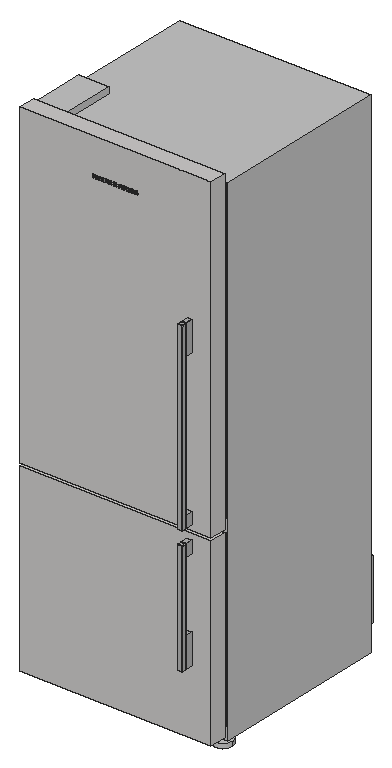
Revit family "FP-Revit18-E402BLXFD4-Fridges", category Specialty Equipment, Revit 2018
Family settings
  Round Connector Dimension = Use Diameter
  Part Type = Normal
  OmniClass Number = 23.40.40.11.11.17
  OmniClass Title = Refrigerator-Freezer
  Work Plane-Based = No
  Always vertical = Yes
  Cut with Voids When Loaded = Yes
  Shared = No
  Room Calculation Point = No
Parameters (values of type "E402BLXFD4")
  Visibility - Clearance Required = yes
  URL = "www.fisherpaykel.com"
  Product - Width = 635 mm  # constant formula
  Product - Height = 1720 mm  # constant formula
  Product - Depth = 736 mm  # constant formula
  Model = "E402BLXFD4"
  Material - Logo = Fisher & Paykel - Steel, Chrome Plated
  Material - Handle = Fisher & Paykel - Aluminium
  Material - Door Structure = Fisher & Paykel - White
  Material - Door Front = Fisher & Paykel - Stainless Steel
  Material - Body = Fisher & Paykel - Grey
  Manufacturer = "Fisher & Paykel Appliances"
  Description = "63.5cm Freestanding Refrigerator with Bottom Freezer"
  Connector Description - Electrical = "230 V, 50Hz"
  Chassis - Width = 635 mm  # constant formula
  Chassis - Height = 1664 mm  # constant formula
  Chassis - Depth = 625 mm  # constant formula
  Cavity - Width = 675 mm  # constant formula
  Cavity - Height = 1735 mm  # constant formula
  Cavity - Depth = 625 mm  # constant formula
Reference planes
  plane 1 "Center (Front/Back)": y = 0
  plane 2: z = 0
  plane 3 "Center (Left/Right)": x = 0
  plane 4 "Product LHS": x = -317.5
  plane 5 "Product RHS": x = 317.5
  plane 6 "Product - Depth": y = 625
  plane 7 "Cavity LHS": x = -337.5
  plane 8 "Cavity RHS": x = 337.5
  plane 9 "Cavity - Depth": y = 625
  plane 10 "Cavity Height": z = 1735
  plane 11 "Door Panel Front": y = -70
  plane 12 "Product - Height": z = 1720
Forms (mm)
  Extrusion 1, solid, material "Fisher & Paykel - Grey" <- "Material - Body"
    sketch origin (0, 0, 0) x (0, 1, 0) y (0, 0, 1)
      loop
        line (0, 24) -> (595, 24) -> (595, 1686) -> (0, 1686) -> (0, 24)
    from -317.5 to 317.5
  Extrusion 2, solid, material "Fisher & Paykel - Grey" <- "Material - Body"
    sketch origin (0, 0, 0) x (1, 0, 0) y (0, 1, 0)
      loop
        circle (-287.5, 18.6) r 4.9
      loop
        circle (287.5, 18.6) r 4.9
    from 14 to 24
  Extrusion 3, solid, material "Fisher & Paykel - Grey" <- "Material - Body"
    sketch origin (0, 0, 0) x (1, 0, 0) y (0, 1, 0)
      loop
        circle (-287.5, 18.6) r 30
      loop
        circle (287.5, 18.6) r 30
    from 0 to 14
  Extrusion 4, solid, material "Fisher & Paykel - Grey" <- "Material - Body"
    sketch origin (0, 0, 0) x (1, 0, 0) y (0, 0, 1)
      loop
        circle (277.542, 69) r 5
      loop
        circle (227.542, 69) r 5
    from -615 to -595
  Extrusion 5, solid, material "Fisher & Paykel - White" <- "Material - Door Structure"
    sketch origin (0, 0, 0) x (1, 0, 0) y (0, 1, 0)
      loop
        line (-309.5, 0) -> (-309.5, -15) -> (309.5, -15) -> (309.5, 0) -> (-309.5, 0)
    from 682 to 1680
  Extrusion 6, solid, material "Fisher & Paykel - Stainless Steel" <- "Material - Door Front"
    sketch origin (0, 0, 0) x (1, 0, 0) y (0, 1, 0)
      loop
        line (-317.5, -15) -> (-317.5, -70) -> (317.5, -70) -> (317.5, -15) -> (-317.5, -15)
    from 660 to 1720
  Extrusion 7, solid, material "Fisher & Paykel - Clearance Required", visible <- "Visibility - Clearance Required", detail levels coarse
    sketch origin (0, 0, 0) x (1, 0, 0) y (0, 1, 0)
      loop
        line (-337.5, 625) -> (-337.5, 0) -> (-472.5, 0) -> (-472.5, -70) -> (337.5, -70) -> (337.5, 625) -> (-337.5, 625)
    from 0 to 1735
  Extrusion 8, void
    sketch origin (0, 0, 0) x (1, 0, 0) y (0, 1, 0)
      loop
        line (-337.5, 625) -> (-337.5, 0) -> (-472.5, 0) -> (-472.5, -70) -> (337.5, -70) -> (337.5, 625) -> (-337.5, 625)
    from 0 to 1735
  Extrusion 9, solid, material "Fisher & Paykel - Stainless Steel" <- "Material - Door Front"
    sketch origin (0, 0, 0) x (1, 0, 0) y (0, 1, 0)
      loop
        line (-317.5, -15) -> (-317.5, -70) -> (317.5, -70) -> (317.5, -15) -> (-317.5, -15)
    from 40 to 650
  Extrusion 10, solid, material "Fisher & Paykel - White" <- "Material - Door Structure"
    sketch origin (0, 0, 0) x (1, 0, 0) y (0, 1, 0)
      loop
        line (-309.5, 0) -> (-309.5, -15) -> (309.5, -15) -> (309.5, 0) -> (-309.5, 0)
    from 62 to 642
  Extrusion 11, solid, material "Fisher & Paykel - Grey" <- "Material - Body"
    sketch origin (229.237, 0, 0) x (0, 1, 0) y (0, 0, 1)
      loop
        line (595, 324) -> (595, 94) -> (625, 94) -> (625, 294) -> (595, 324)
    from -526.7 to 68.3
  Extrusion 12, solid, material "Fisher & Paykel - Grey" <- "Material - Body"
    sketch origin (0, 0, 0) x (0, 1, 0) y (0, 0, 1)
      loop
        line (595, 94) -> (595, 24) -> (625, 24) -> (625, 94) -> (595, 94)
    from -297.463 to 202
  Extrusion 13, solid, material "Fisher & Paykel - Grey" <- "Material - Body"
    sketch origin (0, 0, 0) x (1, 0, 0) y (0, 1, 0)
      loop
        line (-218.9, 174) -> (-317.5, 174) -> (-317.5, -15) -> (-218.9, -15) -> (-218.9, 174)
    from 1686 to 1708
  Extrusion 14, solid, material "Fisher & Paykel - Clearance Required", visible <- "Visibility - Clearance Required", detail levels coarse
    sketch origin (0, 0, 0) x (1, 0, 0) y (0, 1, 0)
      loop
        line (-722.92, -409.518) -> (-767.016, -454.756)
        arc (-767.016, -454.756) -> (-95.726, -626.083) -> (317.5, -70) r 621.877
        line (317.5, -70) -> (-391.972, -70) -> (-712.194, -398.515) -> (-742.27, -369.199) -> (-752.391, -380.791) -> (-722.92, -409.518)
    from 0 to 1720
  Extrusion 15, solid, material "Fisher & Paykel - Grey" <- "Material - Body", detail levels fine
    sketch origin (0, 0, -4) x (0, 1, 0) y (0, 0, 1)
      loop
        arc (62.091, 28) -> (87.5, 4) -> (112.909, 28) r 25.45
        line (112.909, 28) -> (62.091, 28)
      loop
        arc (503.639, 28) -> (529.047, 4) -> (554.456, 28) r 25.45
        line (554.456, 28) -> (503.639, 28)
    from 267 to 284
  Extrusion 16, solid, material "Fisher & Paykel - Steel, Chrome Plated" <- "Material - Logo", detail levels fine
    sketch origin (-0.005, -70, 1596) x (1, 0, 0) y (0, 0, 1)
      loop
        line (-74.994, 0) -> (-72.633, 0) -> (-72.633, 3.207) -> (-68.944, 3.207) -> (-68.944, 5.208) -> (-72.633, 5.208) -> (-72.633, 7.068) -> (-68.62, 7.068) -> (-68.62, 9.06) -> (-74.994, 9.06) -> (-74.994, 0)
      loop
        line (-64.134, 9.06) -> (-64.134, 0) -> (-61.773, 0) -> (-61.773, 9.06) -> (-64.134, 9.06)
      loop
        line (-46.015, 9.06) -> (-46.015, 0) -> (-43.654, 0) -> (-43.654, 3.63) -> (-40.187, 3.63) -> (-40.187, 0) -> (-37.826, 0) -> (-37.826, 9.06) -> (-40.187, 9.06) -> (-40.187, 5.622) -> (-43.654, 5.622) -> (-43.654, 9.06) -> (-46.015, 9.06)
      loop
        line (-32.787, 9.06) -> (-32.787, 0) -> (-26.332, 0) -> (-26.332, 1.992) -> (-30.448, 1.992) -> (-30.448, 3.63) -> (-26.686, 3.63) -> (-26.686, 5.622) -> (-30.448, 5.622) -> (-30.448, 7.068) -> (-26.332, 7.068) -> (-26.332, 9.06) -> (-32.787, 9.06)
      loop
        line (68.572, 9.06) -> (68.572, 0) -> (75.006, 0) -> (75.006, 1.992) -> (70.933, 1.992) -> (70.933, 9.06) -> (68.572, 9.06)
      loop
        line (63.719, 9.06) -> (57.241, 9.06) -> (57.241, 0) -> (63.719, 0) -> (63.719, 1.992) -> (59.602, 1.992) -> (59.602, 3.63) -> (63.364, 3.63) -> (63.364, 5.622) -> (59.602, 5.622) -> (59.602, 7.068) -> (63.719, 7.068) -> (63.719, 9.06)
      loop
        line (50.248, 4.722) -> (53.597, 9.06) -> (50.837, 9.06) -> (47.945, 5.313) -> (47.945, 9.06) -> (45.585, 9.06) -> (45.585, 0) -> (47.945, 0) -> (47.945, 4.058) -> (50.926, 0) -> (53.716, 0) -> (50.248, 4.722)
      loop
        line (33.043, 9.06) -> (36.466, 3.63) -> (36.466, 0) -> (38.827, 0) -> (38.827, 3.511) -> (42.25, 9.06) -> (39.742, 9.06) -> (37.721, 5.561) -> (35.701, 9.06) -> (33.043, 9.06)
      loop
        line (27.79, 9.06) -> (25.547, 9.06) -> (21.858, 0) -> (24.175, 0) -> (24.824, 1.668) -> (28.454, 1.668) -> (29.103, 0) -> (31.479, 0) -> (27.79, 9.06)
      loop
        line (27.671, 3.659) -> (26.612, 6.261) -> (25.599, 3.659) -> (27.671, 3.659)
      loop
        line (12.119, 9.06) -> (12.119, 0) -> (14.48, 0) -> (14.48, 2.907) -> (15.971, 2.907)
        arc (15.971, 2.907) -> (19.048, 5.983) -> (15.971, 9.06) r 3.077
        line (15.971, 9.06) -> (12.119, 9.06)
      loop
        line (14.48, 7.068) -> (14.48, 4.796) -> (15.824, 4.796)
        arc (15.824, 4.796) -> (16.96, 5.932) -> (15.824, 7.068) r 1.136
        line (15.824, 7.068) -> (14.48, 7.068)
      loop
        line (-17.602, 9.06) -> (-21.477, 9.06) -> (-21.477, 0) -> (-19.116, 0) -> (-19.116, 2.522) -> (-18.311, 2.522) -> (-16.387, 0) -> (-13.657, 0) -> (-15.969, 2.959)
        arc (-15.969, 2.959) -> (-14.445, 6.636) -> (-17.602, 9.06) r 3.269
      loop
        line (-17.774, 7.068) -> (-19.116, 7.068) -> (-19.116, 4.579) -> (-17.774, 4.579)
        arc (-17.774, 4.579) -> (-16.529, 5.823) -> (-17.774, 7.068) r 1.244
      loop
        line (0.788, 7.068) -> (0.788, 9.229) -> (-5.291, 9.229) -> (-5.291, 7.276) -> (-4.389, 6.167)
        arc (-4.389, 6.167) -> (-5.193, 1.025) -> (0.005, 0.768) r 3.5
        line (0.005, 0.768) -> (0.63, 0) -> (3.308, 0) -> (1.362, 2.391) -> (3.12, 4.924) -> (0.694, 4.924) -> (0.053, 4) -> (-2.443, 7.068) -> (0.788, 7.068)
      loop
        arc (-3.116, 4.603) -> (-3.331, 2.502) -> (-1.23, 2.286) r 1.493
        line (-1.23, 2.286) -> (-3.116, 4.603)
      loop
        line (-52.698, 5.451) -> (-54.701, 5.866)
        arc (-54.701, 5.866) -> (-55.501, 6.665) -> (-54.701, 7.465) r 0.799
        arc (-54.701, 7.465) -> (-52.78, 7.185) -> (-51.017, 6.371) r 6.757
        line (-51.017, 6.371) -> (-51.017, 8.615)
        arc (-51.017, 8.615) -> (-53.252, 9.269) -> (-55.578, 9.164) r 7.089
        arc (-55.578, 9.164) -> (-57.732, 6.502) -> (-55.578, 3.841) r 2.721
        line (-55.578, 3.841) -> (-53.559, 3.423)
        arc (-53.559, 3.423) -> (-52.76, 2.623) -> (-53.559, 1.824) r 0.799
        arc (-53.559, 1.824) -> (-55.481, 2.103) -> (-57.244, 2.917) r 6.757
        line (-57.244, 2.917) -> (-57.244, 0.674)
        arc (-57.244, 0.674) -> (-55.009, 0.02) -> (-52.682, 0.125) r 7.089
        arc (-52.682, 0.125) -> (-50.529, 2.795) -> (-52.698, 5.451) r 2.721
    from 0 to 0.8
  Extrusion 17, solid, material "Fisher & Paykel - Grey" <- "Material - Body", detail levels fine
    sketch origin (0, 0, -4) x (0, 1, 0) y (0, 0, -1)
      loop
        line (62.091, -28) -> (112.909, -28)
        arc (112.909, -28) -> (87.5, -4) -> (62.091, -28) r 25.45
      loop
        line (503.639, -28) -> (554.456, -28)
        arc (554.456, -28) -> (529.047, -4) -> (503.639, -28) r 25.45
    from 267 to 284
  Extrusion 18, solid, material "Fisher & Paykel - Aluminium" <- "Material - Handle", detail levels fine
    sketch origin (246.5, -70, 0) x (1, 0, 0) y (0, 1, 0)
      loop
        arc (-7.7, -27.749) -> (0.04, -25.059) -> (7.7, -27.971) r 11.986
        line (7.7, -27.971) -> (7.7, 0) -> (-7.7, 0) -> (-7.7, -27.749)
    from 257 to 357
  Extrusion 19, solid, material "Fisher & Paykel - Aluminium" <- "Material - Handle", detail levels fine
    sketch origin (246.5, -70, 0) x (1, 0, 0) y (0, 1, 0)
      loop
        arc (-7.7, -27.749) -> (0.04, -25.059) -> (7.7, -27.971) r 11.986
        line (7.7, -27.971) -> (7.7, 0) -> (-7.7, 0) -> (-7.7, -27.749)
    from 591 to 631
  Extrusion 20, solid, material "Fisher & Paykel - Aluminium" <- "Material - Handle", detail levels fine
    sketch origin (246.5, -70, 0) x (1, 0, 0) y (0, 1, 0)
      loop
        arc (-7.7, -27.749) -> (0.04, -25.059) -> (7.7, -27.971) r 11.986
        line (7.7, -27.971) -> (7.7, 0) -> (-7.7, 0) -> (-7.7, -27.749)
    from 676 to 716
  Extrusion 21, solid, material "Fisher & Paykel - Aluminium" <- "Material - Handle", detail levels fine
    sketch origin (246.5, -70, 0) x (1, 0, 0) y (0, 1, 0)
      loop
        arc (-7.7, -27.749) -> (0.04, -25.059) -> (7.7, -27.971) r 11.986
        line (7.7, -27.971) -> (7.7, 0) -> (-7.7, 0) -> (-7.7, -27.749)
    from 1188 to 1288
  Extrusion 22, solid, material "Fisher & Paykel - Aluminium" <- "Material - Handle", detail levels fine
    sketch origin (246.5, -70, 0) x (1, 0, 0) y (0, 1, 0)
      loop
        arc (-8, -39.496) -> (-7.559, -40.559) -> (-6.496, -41) r 1.504
        line (-6.496, -41) -> (6.5, -41)
        arc (6.5, -41) -> (7.561, -40.561) -> (8, -39.5) r 1.5
        line (8, -39.5) -> (8, -28.788)
        arc (8, -28.788) -> (7.908, -28.369) -> (7.649, -28.028) r 1
        arc (7.649, -28.028) -> (0.055, -25.159) -> (-7.625, -27.788) r 11.986
        arc (-7.625, -27.788) -> (-7.901, -28.136) -> (-8, -28.569) r 1
        line (-8, -28.569) -> (-8, -39.496)
    from 676 to 1288
  Extrusion 23, solid, material "Fisher & Paykel - Aluminium" <- "Material - Handle", detail levels fine
    sketch origin (246.5, -70, 0) x (1, 0, 0) y (0, 1, 0)
      loop
        arc (-8, -39.496) -> (-7.559, -40.559) -> (-6.496, -41) r 1.504
        line (-6.496, -41) -> (6.5, -41)
        arc (6.5, -41) -> (7.561, -40.561) -> (8, -39.5) r 1.5
        line (8, -39.5) -> (8, -28.788)
        arc (8, -28.788) -> (7.908, -28.369) -> (7.649, -28.028) r 1
        arc (7.649, -28.028) -> (0.055, -25.159) -> (-7.625, -27.788) r 11.986
        arc (-7.625, -27.788) -> (-7.901, -28.136) -> (-8, -28.569) r 1
        line (-8, -28.569) -> (-8, -39.496)
    from 257 to 631
  Extrusion 24, solid, material "Fisher & Paykel - Aluminium" <- "Material - Handle", detail levels coarse+medium
    sketch origin (246.5, -70, 0) x (0, 1, 0) y (0, 0, 1)
      loop
        line (0, 1288) -> (-41, 1288) -> (-41, 676) -> (0, 676) -> (0, 716) -> (-25.058, 716) -> (-25.058, 1188) -> (0, 1188) -> (0, 1288)
      loop
        line (0, 631) -> (-41, 631) -> (-41, 257) -> (0, 257) -> (0, 357) -> (-25, 357) -> (-25, 591) -> (0, 591) -> (0, 631)
    from -8 to 8
  Sweep 25, void
    path in 3D
      loop
        line (238.5, -98.569, 1288) -> (238.5, -109.496, 1288)
        arc (238.5, -109.496, 1288) -> (238.941, -110.559, 1288) -> (240.004, -111, 1288) r 1.504
        line (240.004, -111, 1288) -> (253, -111, 1288)
        arc (253, -111, 1288) -> (254.061, -110.561, 1288) -> (254.5, -109.5, 1288) r 1.5
        line (254.5, -109.5, 1288) -> (254.5, -98.788, 1288)
    profile origin (254.5, -104.144, 1288) x (-1, 0, 0) y (0, 0, 1)
      loop
        line (0, 0) -> (0, -1.2) -> (1.2, 0) -> (0, 0)
  Extrusion 26, void
    sketch origin (246.5, -70, -3) x (1, 0, 0) y (0, 0, 1)
      loop
        line (6.8, 1291) -> (8, 1289.8) -> (8, 1291) -> (6.8, 1291)
      loop
        line (-6.8, 1291) -> (-8, 1291) -> (-8, 1289.8) -> (-6.8, 1291)
    from 0 to 41
  Sweep 27, void
    path in 3D
      loop
        line (238.5, -98.569, 631) -> (238.5, -109.496, 631)
        arc (238.5, -109.496, 631) -> (238.941, -110.559, 631) -> (240.004, -111, 631) r 1.504
        line (240.004, -111, 631) -> (253, -111, 631)
        arc (253, -111, 631) -> (254.061, -110.561, 631) -> (254.5, -109.5, 631) r 1.5
        line (254.5, -109.5, 631) -> (254.5, -98.788, 631)
    profile origin (254.5, -104.144, 631) x (-1, 0, 0) y (0, 0, 1)
      loop
        line (0, 0) -> (0, -1.2) -> (1.2, 0) -> (0, 0)
  Extrusion 28, void
    sketch origin (246.5, -70, -3) x (1, 0, 0) y (0, 0, 1)
      loop
        line (6.8, 634) -> (8, 632.8) -> (8, 634) -> (6.8, 634)
      loop
        line (-6.8, 634) -> (-8, 634) -> (-8, 632.8) -> (-6.8, 634)
    from 0 to 41
  Extrusion 29, solid, material "Fisher & Paykel - Aluminium" <- "Material - Handle", not visible, detail levels fine
    sketch origin (1231.336, 179.177, 0) x (1, 0, 0) y (0, 1, 0)
      loop
        arc (-7.7, -27.749) -> (0.04, -25.059) -> (7.7, -27.971) r 11.986
        line (7.7, -27.971) -> (7.7, 0) -> (-7.7, 0) -> (-7.7, -27.749)
    from 257 to 357
  Extrusion 30, solid, material "Fisher & Paykel - Aluminium" <- "Material - Handle", not visible, detail levels fine
    sketch origin (1231.336, 179.177, 0) x (1, 0, 0) y (0, 1, 0)
      loop
        arc (-7.7, -27.749) -> (0.04, -25.059) -> (7.7, -27.971) r 11.986
        line (7.7, -27.971) -> (7.7, 0) -> (-7.7, 0) -> (-7.7, -27.749)
    from 591 to 631
  Extrusion 31, solid, material "Fisher & Paykel - Aluminium" <- "Material - Handle", not visible, detail levels fine
    sketch origin (1231.336, 179.177, 0) x (1, 0, 0) y (0, 1, 0)
      loop
        arc (-7.7, -27.749) -> (0.04, -25.059) -> (7.7, -27.971) r 11.986
        line (7.7, -27.971) -> (7.7, 0) -> (-7.7, 0) -> (-7.7, -27.749)
    from 676 to 716
  Extrusion 32, solid, material "Fisher & Paykel - Aluminium" <- "Material - Handle", not visible, detail levels fine
    sketch origin (1231.336, 179.177, 0) x (1, 0, 0) y (0, 1, 0)
      loop
        arc (-7.7, -27.749) -> (0.04, -25.059) -> (7.7, -27.971) r 11.986
        line (7.7, -27.971) -> (7.7, 0) -> (-7.7, 0) -> (-7.7, -27.749)
    from 1188 to 1288
  Extrusion 33, solid, material "Fisher & Paykel - Aluminium" <- "Material - Handle", not visible, detail levels fine
    sketch origin (1231.336, 179.177, 0) x (1, 0, 0) y (0, 1, 0)
      loop
        arc (-8, -39.496) -> (-7.559, -40.559) -> (-6.496, -41) r 1.504
        line (-6.496, -41) -> (6.5, -41)
        arc (6.5, -41) -> (7.561, -40.561) -> (8, -39.5) r 1.5
        line (8, -39.5) -> (8, -28.788)
        arc (8, -28.788) -> (7.908, -28.369) -> (7.649, -28.028) r 1
        arc (7.649, -28.028) -> (0.055, -25.159) -> (-7.625, -27.788) r 11.986
        arc (-7.625, -27.788) -> (-7.901, -28.136) -> (-8, -28.569) r 1
        line (-8, -28.569) -> (-8, -39.496)
    from 676 to 1288
  Extrusion 34, solid, material "Fisher & Paykel - Aluminium" <- "Material - Handle", not visible, detail levels fine
    sketch origin (1231.336, 179.177, 0) x (1, 0, 0) y (0, 1, 0)
      loop
        arc (-8, -39.496) -> (-7.559, -40.559) -> (-6.496, -41) r 1.504
        line (-6.496, -41) -> (6.5, -41)
        arc (6.5, -41) -> (7.561, -40.561) -> (8, -39.5) r 1.5
        line (8, -39.5) -> (8, -28.788)
        arc (8, -28.788) -> (7.908, -28.369) -> (7.649, -28.028) r 1
        arc (7.649, -28.028) -> (0.055, -25.159) -> (-7.625, -27.788) r 11.986
        arc (-7.625, -27.788) -> (-7.901, -28.136) -> (-8, -28.569) r 1
        line (-8, -28.569) -> (-8, -39.496)
    from 257 to 631
  Extrusion 35, solid, material "Fisher & Paykel - Aluminium" <- "Material - Handle", not visible, detail levels coarse+medium
    sketch origin (1231.336, 179.177, 0) x (0, 1, 0) y (0, 0, 1)
      loop
        line (0, 1288) -> (-41, 1288) -> (-41, 676) -> (0, 676) -> (0, 716) -> (-25.058, 716) -> (-25.058, 1188) -> (0, 1188) -> (0, 1288)
      loop
        line (0, 631) -> (-41, 631) -> (-41, 257) -> (0, 257) -> (0, 357) -> (-25, 357) -> (-25, 591) -> (0, 591) -> (0, 631)
    from -8 to 8
  Sweep 36, void, not visible
    path in 3D
      loop
        line (1223.336, 150.608, 1288) -> (1223.336, 139.681, 1288)
        arc (1223.336, 139.681, 1288) -> (1223.777, 138.617, 1288) -> (1224.84, 138.177, 1288) r 1.504
        line (1224.84, 138.177, 1288) -> (1237.836, 138.177, 1288)
        arc (1237.836, 138.177, 1288) -> (1238.897, 138.616, 1288) -> (1239.336, 139.677, 1288) r 1.5
        line (1239.336, 139.677, 1288) -> (1239.336, 150.389, 1288)
    profile origin (1239.336, 145.033, 1288) x (-1, 0, 0) y (0, 0, 1)
      loop
        line (0, 0) -> (0, -1.2) -> (1.2, 0) -> (0, 0)
  Extrusion 37, void, not visible
    sketch origin (1231.336, 179.177, -3) x (1, 0, 0) y (0, 0, 1)
      loop
        line (6.8, 1291) -> (8, 1289.8) -> (8, 1291) -> (6.8, 1291)
      loop
        line (-6.8, 1291) -> (-8, 1291) -> (-8, 1289.8) -> (-6.8, 1291)
    from 0 to 41
  Sweep 38, void, not visible
    path in 3D
      loop
        line (1223.336, 150.608, 631) -> (1223.336, 139.681, 631)
        arc (1223.336, 139.681, 631) -> (1223.777, 138.617, 631) -> (1224.84, 138.177, 631) r 1.504
        line (1224.84, 138.177, 631) -> (1237.836, 138.177, 631)
        arc (1237.836, 138.177, 631) -> (1238.897, 138.616, 631) -> (1239.336, 139.677, 631) r 1.5
        line (1239.336, 139.677, 631) -> (1239.336, 150.389, 631)
    profile origin (1239.336, 145.033, 631) x (-1, 0, 0) y (0, 0, 1)
      loop
        line (0, 0) -> (0, -1.2) -> (1.2, 0) -> (0, 0)
  Extrusion 39, void, not visible
    sketch origin (1231.336, 179.177, -3) x (1, 0, 0) y (0, 0, 1)
      loop
        line (6.8, 634) -> (8, 632.8) -> (8, 634) -> (6.8, 634)
      loop
        line (-6.8, 634) -> (-8, 634) -> (-8, 632.8) -> (-6.8, 634)
    from 0 to 41
Cuts and joins
  joined: Extrusion 11, Extrusion 12
  Sweep 25, Extrusion 26 cuts Extrusion 22
  Extrusion 26 cuts Extrusion 21
  Extrusion 28 cuts Extrusion 19
  Sweep 27, Extrusion 28 cuts Extrusion 23
Lines and regions (mm)
  sketch lines
    curve 1: line (254.5, -109.5, 1288) -> (254.5, -98.788, 1288)
    curve 2: arc (254.5, -109.5, 1288) -> (254.061, -110.561, 1288) -> (253, -111, 1288) r 1.5
    curve 3: line (240.004, -111, 1288) -> (253, -111, 1288)
    curve 4: arc (240.004, -111, 1288) -> (238.941, -110.559, 1288) -> (238.5, -109.496, 1288) r 1.504
    curve 5: line (238.5, -98.569, 1288) -> (238.5, -109.496, 1288)
    curve 6: line (254.5, -109.5, 631) -> (254.5, -98.788, 631)
    curve 7: arc (254.5, -109.5, 631) -> (254.061, -110.561, 631) -> (253, -111, 631) r 1.5
    curve 8: arc (240.004, -111, 631) -> (238.941, -110.559, 631) -> (238.5, -109.496, 631) r 1.504
    curve 9: line (238.5, -98.569, 631) -> (238.5, -109.496, 631)
    curve 10: line (240.004, -111, 631) -> (253, -111, 631)
  sketch lines, not visible
    curve 11: line (1239.336, 139.677, 1288) -> (1239.336, 150.389, 1288)
    curve 12: arc (1239.336, 139.677, 1288) -> (1238.897, 138.616, 1288) -> (1237.836, 138.177, 1288) r 1.5
    curve 13: line (1224.84, 138.177, 1288) -> (1237.836, 138.177, 1288)
    curve 14: arc (1224.84, 138.177, 1288) -> (1223.777, 138.617, 1288) -> (1223.336, 139.681, 1288) r 1.504
    curve 15: line (1223.336, 150.608, 1288) -> (1223.336, 139.681, 1288)
    curve 16: line (1239.336, 139.677, 631) -> (1239.336, 150.389, 631)
    curve 17: arc (1239.336, 139.677, 631) -> (1238.897, 138.616, 631) -> (1237.836, 138.177, 631) r 1.5
    curve 18: arc (1224.84, 138.177, 631) -> (1223.777, 138.617, 631) -> (1223.336, 139.681, 631) r 1.504
    curve 19: line (1223.336, 150.608, 631) -> (1223.336, 139.681, 631)
    curve 20: line (1224.84, 138.177, 631) -> (1237.836, 138.177, 631)
Text (mm)
  text "Due to ongoing product development, product details are subject to change without notice. \nPlease always refer to www.fisherpaykel.com for the most current product information. \n© Fisher & Paykel 2020" at (41.04, -848.295, 0), in view "Ref. Level (Plan)"
Dimensions and locks
  equal spacing: plane 4 "Product LHS", plane 3 "Center (Left/Right)", plane 5 "Product RHS"
  "Product - Width": plane 4 "Product LHS" to plane 5 "Product RHS"
  "Cavity - Depth": plane 1 "Center (Front/Back)" to plane 6 "Product - Depth"
  equal spacing: plane 7 "Cavity LHS", plane 3 "Center (Left/Right)", plane 8 "Cavity RHS"
  "Cavity - Width": plane 7 "Cavity LHS" to plane 8 "Cavity RHS"
  Extrusion 4 sketch curve to plane 5 "Product RHS" = 39.958 mm
  locked: Extrusion 3 to level at 14
  "Cavity - Height": plane 10 "Cavity Height" to level
  Extrusion 9 to Extrusion 1 = 16 mm
  Extrusion 9 to Extrusion 1 = 626 mm
  Extrusion 1 to Extrusion 1 = 1662 mm
  Extrusion 1 to Extrusion 4 = 45 mm  (x2)
  Extrusion 1 to cut or joined group of Extrusion 11, Extrusion 12 = 70 mm
  locked: Extrusion 4 sketch curve to Extrusion 1 at 40  (x2)
  "Chassis - Depth": plane 6 "Product - Depth" to plane 1 "Center (Front/Back)"
  locked: Extrusion 9 to level at 650
  "Product - Height": level to plane 12 "Product - Height"
  Extrusion 13 to Extrusion 1 = 22 mm
  locked: cut or joined group of Extrusion 23, Sweep 27, Extrusion 28 to level at 631
  locked: cut or joined group of Extrusion 22, Sweep 25, Extrusion 26 to level at 676
  locked: cut or joined group of Extrusion 21, Extrusion 26 to level at 1288
  Extrusion 16 to plane 2 = 1596 mm
  aligned and locked: level to plane 2
  aligned and locked: Extrusion 1 to plane 5 "Product RHS"
  aligned and locked: plane 4 "Product LHS" to Extrusion 1
  aligned and locked: Extrusion 6 sketch curve to plane 4 "Product LHS"
  aligned and locked: plane 5 "Product RHS" to Extrusion 6 sketch curve
  aligned and locked: Extrusion 1 sketch curve to plane 1 "Center (Front/Back)"
  aligned and locked: Extrusion 12 sketch curve to plane 6 "Product - Depth"
  aligned and locked: Extrusion 4 to Extrusion 1
  aligned and locked: Extrusion 8 sketch curve to plane 1 "Center (Front/Back)"
  aligned and locked: Extrusion 12 to Extrusion 11
  aligned and locked: Extrusion 7 to plane 10 "Cavity Height"
  aligned and locked: Extrusion 8 to plane 10 "Cavity Height"
  aligned and locked: plane 5 "Product RHS" to Extrusion 1
  aligned and locked: Extrusion 1 to plane 4 "Product LHS"
  aligned and locked: Extrusion 14 to plane 12 "Product - Height"
  aligned and locked: cut or joined group of Extrusion 11, Extrusion 12 to Extrusion 1
  aligned and locked: Extrusion 23 to Extrusion 24
  aligned and locked: Extrusion 24 to Extrusion 18
  aligned and locked: Extrusion 24 to Extrusion 23
  aligned and locked: Extrusion 19 to Extrusion 24
  aligned and locked: Extrusion 22 to Extrusion 24
  aligned and locked: Extrusion 24 to Extrusion 20
  aligned and locked: Extrusion 21 to Extrusion 24
Automatic sketch dimensions
  Extrusion 6 sketch curve to plane 11 "Door Panel Front" = 0 mm
  plane 1 "Center (Front/Back)" to Extrusion 6 sketch curve = 15 mm
  Extrusion 1 sketch curve to plane 6 "Product - Depth" = 30 mm
  level to Extrusion 1 sketch curve = 24 mm
  plane 12 "Product - Height" to Extrusion 1 sketch curve = 34 mm
  Extrusion 2 sketch curve to plane 4 "Product LHS" = 30 mm
  plane 5 "Product RHS" to Extrusion 2 sketch curve = 30 mm
  Extrusion 2 sketch curve to plane 1 "Center (Front/Back)" = 18.6 mm  (x2)
  Extrusion 3 sketch curve to plane 4 "Product LHS" = 30 mm
  plane 5 "Product RHS" to Extrusion 3 sketch curve = 30 mm
  Extrusion 3 sketch curve to plane 1 "Center (Front/Back)" = 18.6 mm  (x2)
  Extrusion 4 sketch curve to Extrusion 4 sketch curve = 50 mm
  level to Extrusion 4 sketch curve = 69 mm
  Extrusion 4 sketch curve to Extrusion 4 sketch curve = 0 mm
  plane 1 "Center (Front/Back)" to Extrusion 5 sketch curve = 0 mm
  Extrusion 5 sketch curve to plane 4 "Product LHS" = 8 mm
  plane 5 "Product RHS" to Extrusion 5 sketch curve = 8 mm
  plane 1 "Center (Front/Back)" to Extrusion 5 sketch curve = 15 mm
  Extrusion 7 sketch curve to plane 11 "Door Panel Front" = 0 mm
  plane 1 "Center (Front/Back)" to Extrusion 7 sketch curve = 0 mm
  Extrusion 7 sketch curve to plane 6 "Product - Depth" = 0 mm
  Extrusion 7 sketch curve to plane 7 "Cavity LHS" = 0 mm
  Extrusion 7 sketch curve to plane 8 "Cavity RHS" = 0 mm
  plane 7 "Cavity LHS" to Extrusion 7 sketch curve = 135 mm
  Extrusion 8 sketch curve to plane 11 "Door Panel Front" = 0 mm
  Extrusion 8 sketch curve to plane 6 "Product - Depth" = 0 mm
  Extrusion 8 sketch curve to plane 7 "Cavity LHS" = 0 mm
  Extrusion 8 sketch curve to plane 8 "Cavity RHS" = 0 mm
  plane 7 "Cavity LHS" to Extrusion 8 sketch curve = 135 mm
  Extrusion 9 sketch curve to plane 4 "Product LHS" = 0 mm
  Extrusion 9 sketch curve to plane 5 "Product RHS" = 0 mm
  Extrusion 9 sketch curve to plane 11 "Door Panel Front" = 0 mm
  plane 1 "Center (Front/Back)" to Extrusion 9 sketch curve = 15 mm
  plane 1 "Center (Front/Back)" to Extrusion 10 sketch curve = 0 mm
  Extrusion 10 sketch curve to plane 4 "Product LHS" = 8 mm
  plane 5 "Product RHS" to Extrusion 10 sketch curve = 8 mm
  plane 1 "Center (Front/Back)" to Extrusion 10 sketch curve = 15 mm
  Extrusion 11 sketch curve to plane 6 "Product - Depth" = 0 mm
  Extrusion 11 sketch curve to plane 6 "Product - Depth" = 30 mm
  level to Extrusion 11 sketch curve = 94 mm
  Extrusion 11 sketch curve to Extrusion 11 sketch curve = 200 mm
  Extrusion 11 sketch curve to Extrusion 11 sketch curve = 30 mm
  Extrusion 12 sketch curve to plane 6 "Product - Depth" = 30 mm
  level to Extrusion 12 sketch curve = 24 mm
  Extrusion 12 sketch curve to Extrusion 12 sketch curve = 70 mm
  Extrusion 13 sketch curve to plane 4 "Product LHS" = 0 mm
  plane 1 "Center (Front/Back)" to Extrusion 13 sketch curve = 15 mm
  Extrusion 13 sketch curve to Extrusion 13 sketch curve = 98.6 mm
  Extrusion 13 sketch curve to plane 1 "Center (Front/Back)" = 174 mm
  Extrusion 14 sketch curve to plane 11 "Door Panel Front" = 0 mm
  Extrusion 14 sketch curve to plane 5 "Product RHS" = 0 mm
  Extrusion 14 sketch curve to plane 4 "Product LHS" = 13.847 mm
  plane 7 "Cavity LHS" to Extrusion 14 sketch curve = 54.472 mm
  plane 7 "Cavity LHS" to Extrusion 14 sketch curve = 374.694 mm
  Extrusion 14 sketch curve to Extrusion 14 sketch curve = 10.726 mm
  Extrusion 14 sketch curve to Extrusion 14 sketch curve = 30.076 mm
  Extrusion 14 sketch curve to plane 11 "Door Panel Front" = 310.791 mm
  Extrusion 14 sketch curve to Extrusion 14 sketch curve = 10.121 mm
  Extrusion 14 sketch curve to plane 11 "Door Panel Front" = 384.756 mm
  Extrusion 14 sketch curve to Extrusion 14 sketch curve = 44.096 mm
  Extrusion 14 sketch curve to Extrusion 14 sketch curve = 11.003 mm
  level to Extrusion 15 sketch curve = 24 mm  (x2)
  Extrusion 15 sketch curve to plane 1 "Center (Front/Back)" = 62.091 mm
  Extrusion 15 sketch curve to Extrusion 15 sketch curve = 25.409 mm  (x2)
  Extrusion 15 sketch curve to plane 6 "Product - Depth" = 121.361 mm
  Extrusion 15 sketch curve to Extrusion 15 sketch curve = 1.45 mm  (x2)
  Extrusion 16 sketch curve to plane 3 "Center (Left/Right)" = 0 mm
  Extrusion 16 sketch curve to plane 3 "Center (Left/Right)" = 1.235 mm
  Extrusion 16 sketch curve to Extrusion 16 sketch curve = 0.943 mm  (x2)
  Extrusion 16 sketch curve to plane 3 "Center (Left/Right)" = 2.448 mm
  Extrusion 16 sketch curve to Extrusion 16 sketch curve = 0.305 mm
  Extrusion 16 sketch curve to Extrusion 16 sketch curve = 1.273 mm
  Extrusion 16 sketch curve to Extrusion 16 sketch curve = 0.902 mm
  Extrusion 16 sketch curve to Extrusion 16 sketch curve = 8.366 mm
  Extrusion 16 sketch curve to Extrusion 16 sketch curve = 2.312 mm
  Extrusion 16 sketch curve to Extrusion 16 sketch curve = 2.73 mm
  Extrusion 16 sketch curve to Extrusion 16 sketch curve = 1.633 mm
  Extrusion 16 sketch curve to Extrusion 16 sketch curve = 0.172 mm
  Extrusion 16 sketch curve to Extrusion 16 sketch curve = 0.538 mm
  Extrusion 16 sketch curve to Extrusion 16 sketch curve = 1.343 mm
  Extrusion 16 sketch curve to Extrusion 16 sketch curve = 0.805 mm
  Extrusion 16 sketch curve to Extrusion 16 sketch curve = 2.361 mm  (x13)
  Extrusion 16 sketch curve to Extrusion 16 sketch curve = 4.854 mm  (x2)
  Extrusion 16 sketch curve to Extrusion 16 sketch curve = 0.354 mm  (x3)
  Extrusion 16 sketch curve to Extrusion 16 sketch curve = 3.763 mm  (x2)
  Extrusion 16 sketch curve to Extrusion 16 sketch curve = 0 mm  (x19)
  Extrusion 16 sketch curve to Extrusion 16 sketch curve = 2.339 mm
  Extrusion 16 sketch curve to Extrusion 16 sketch curve = 5.039 mm
  Extrusion 16 sketch curve to Extrusion 16 sketch curve = 3.468 mm
  Extrusion 16 sketch curve to Extrusion 16 sketch curve = 5.002 mm
  Extrusion 16 sketch curve to Extrusion 16 sketch curve = 1.682 mm
  Extrusion 16 sketch curve to Extrusion 16 sketch curve = 0.552 mm
  Extrusion 16 sketch curve to Extrusion 16 sketch curve = 0.309 mm  (x3)
  Extrusion 16 sketch curve to Extrusion 16 sketch curve = 0.54 mm  (x2)
  Extrusion 16 sketch curve to Extrusion 16 sketch curve = 0.602 mm
  Extrusion 16 sketch curve to Extrusion 16 sketch curve = 2.02 mm
  Extrusion 16 sketch curve to Extrusion 16 sketch curve = 1.665 mm
  Extrusion 16 sketch curve to Extrusion 16 sketch curve = 4.53 mm
  Extrusion 16 sketch curve to Extrusion 16 sketch curve = 4.486 mm
  Extrusion 16 sketch curve to Extrusion 16 sketch curve = 0.324 mm
  Extrusion 16 sketch curve to Extrusion 16 sketch curve = 3.689 mm
  plane 3 "Center (Left/Right)" to Extrusion 16 sketch curve = 0.048 mm
  plane 3 "Center (Left/Right)" to Extrusion 16 sketch curve = 0.625 mm
  plane 3 "Center (Left/Right)" to Extrusion 16 sketch curve = 0.689 mm
  plane 3 "Center (Left/Right)" to Extrusion 16 sketch curve = 0.783 mm
  plane 3 "Center (Left/Right)" to Extrusion 16 sketch curve = 1.357 mm
  Extrusion 16 sketch curve to Extrusion 16 sketch curve = 2.426 mm
  Extrusion 16 sketch curve to Extrusion 16 sketch curve = 2.678 mm
  Extrusion 16 sketch curve to Extrusion 16 sketch curve = 8.999 mm
  Extrusion 16 sketch curve to Extrusion 16 sketch curve = 1.344 mm
  Extrusion 16 sketch curve to Extrusion 16 sketch curve = 0.147 mm
  Extrusion 16 sketch curve to Extrusion 16 sketch curve = 5.887 mm
  Extrusion 16 sketch curve to Extrusion 16 sketch curve = 2.317 mm
  Extrusion 16 sketch curve to Extrusion 16 sketch curve = 0.649 mm  (x2)
  Extrusion 16 sketch curve to Extrusion 16 sketch curve = 0.723 mm
  Extrusion 16 sketch curve to Extrusion 16 sketch curve = 0.775 mm
  Extrusion 16 sketch curve to Extrusion 16 sketch curve = 1.013 mm
  Extrusion 16 sketch curve to Extrusion 16 sketch curve = 2.072 mm
  Extrusion 16 sketch curve to Extrusion 16 sketch curve = 2.243 mm  (x3)
  Extrusion 16 sketch curve to Extrusion 16 sketch curve = 0.782 mm
  Extrusion 16 sketch curve to Extrusion 16 sketch curve = 2.376 mm
  Extrusion 16 sketch curve to Extrusion 16 sketch curve = 5.252 mm
  Extrusion 16 sketch curve to Extrusion 16 sketch curve = 2.658 mm
  Extrusion 16 sketch curve to Extrusion 16 sketch curve = 0.765 mm
  Extrusion 16 sketch curve to Extrusion 16 sketch curve = 1.255 mm  (x2)
  Extrusion 16 sketch curve to Extrusion 16 sketch curve = 4.041 mm
  Extrusion 16 sketch curve to Extrusion 16 sketch curve = 2.509 mm
  Extrusion 16 sketch curve to Extrusion 16 sketch curve = 3.334 mm
  Extrusion 16 sketch curve to Extrusion 16 sketch curve = 2.303 mm
  Extrusion 16 sketch curve to Extrusion 16 sketch curve = 2.892 mm
  Extrusion 16 sketch curve to Extrusion 16 sketch curve = 2.981 mm
  Extrusion 16 sketch curve to Extrusion 16 sketch curve = 2.759 mm
  Extrusion 16 sketch curve to Extrusion 16 sketch curve = 2.79 mm
  Extrusion 16 sketch curve to Extrusion 16 sketch curve = 3.644 mm
  Extrusion 16 sketch curve to Extrusion 16 sketch curve = 4.853 mm
  Extrusion 16 sketch curve to Extrusion 16 sketch curve = 4.073 mm
  plane 12 "Product - Height" to Extrusion 16 sketch curve = 124 mm  (x2)
  Extrusion 16 sketch curve to Extrusion 16 sketch curve = 0.674 mm
  Extrusion 16 sketch curve to Extrusion 16 sketch curve = 0.034 mm
  Extrusion 16 sketch curve to Extrusion 16 sketch curve = 0.768 mm
  Extrusion 16 sketch curve to Extrusion 16 sketch curve = 1.668 mm
  Extrusion 16 sketch curve to Extrusion 16 sketch curve = 1.992 mm  (x10)
  Extrusion 16 sketch curve to Extrusion 16 sketch curve = 1.523 mm
  Extrusion 16 sketch curve to Extrusion 16 sketch curve = 1.518 mm
  Extrusion 16 sketch curve to Extrusion 16 sketch curve = 1.624 mm
  Extrusion 16 sketch curve to Extrusion 16 sketch curve = 2.522 mm
  Extrusion 16 sketch curve to Extrusion 16 sketch curve = 0.393 mm  (x2)
  Extrusion 16 sketch curve to Extrusion 16 sketch curve = 0.163 mm  (x2)
  Extrusion 16 sketch curve to Extrusion 16 sketch curve = 2.907 mm
  Extrusion 16 sketch curve to Extrusion 16 sketch curve = 0.437 mm
  Extrusion 16 sketch curve to Extrusion 16 sketch curve = 3.207 mm
  Extrusion 16 sketch curve to Extrusion 16 sketch curve = 0.949 mm
  Extrusion 16 sketch curve to Extrusion 16 sketch curve = 0.637 mm  (x2)
  Extrusion 16 sketch curve to Extrusion 16 sketch curve = 0.21 mm
  Extrusion 16 sketch curve to Extrusion 16 sketch curve = 3.511 mm
  Extrusion 16 sketch curve to Extrusion 16 sketch curve = 3.63 mm
  Extrusion 16 sketch curve to Extrusion 16 sketch curve = 1.638 mm  (x2)
  Extrusion 16 sketch curve to Extrusion 16 sketch curve = 0.118 mm
  Extrusion 16 sketch curve to Extrusion 16 sketch curve = 0.924 mm  (x2)
  Extrusion 16 sketch curve to Extrusion 16 sketch curve = 1.609 mm
  Extrusion 16 sketch curve to Extrusion 16 sketch curve = 4.058 mm
  Extrusion 16 sketch curve to Extrusion 16 sketch curve = 2.057 mm
  Extrusion 16 sketch curve to Extrusion 16 sketch curve = 0.664 mm
  Extrusion 16 sketch curve to Extrusion 16 sketch curve = 1.889 mm
  Extrusion 16 sketch curve to Extrusion 16 sketch curve = 2.002 mm
  Extrusion 16 sketch curve to Extrusion 16 sketch curve = 2.028 mm
  Extrusion 16 sketch curve to Extrusion 16 sketch curve = 1.931 mm
  Extrusion 16 sketch curve to Extrusion 16 sketch curve = 1.212 mm
  Extrusion 16 sketch curve to Extrusion 16 sketch curve = 0.032 mm
  Extrusion 16 sketch curve to Extrusion 16 sketch curve = 0.415 mm
  Extrusion 16 sketch curve to Extrusion 16 sketch curve = 1.136 mm
  Extrusion 16 sketch curve to Extrusion 16 sketch curve = 0.052 mm
  Extrusion 16 sketch curve to Extrusion 16 sketch curve = 2.602 mm
  Extrusion 16 sketch curve to Extrusion 16 sketch curve = 0.92 mm
  Extrusion 16 sketch curve to Extrusion 16 sketch curve = 0.9 mm
  Extrusion 16 sketch curve to Extrusion 16 sketch curve = 1.446 mm  (x2)
  Extrusion 16 sketch curve to Extrusion 16 sketch curve = 1.859 mm
  Extrusion 16 sketch curve to Extrusion 16 sketch curve = 1.109 mm
  Extrusion 16 sketch curve to Extrusion 16 sketch curve = 1.116 mm
  Extrusion 16 sketch curve to Extrusion 16 sketch curve = 3.499 mm  (x2)
  Extrusion 16 sketch curve to Extrusion 16 sketch curve = 3.438 mm  (x2)
  Extrusion 16 sketch curve to Extrusion 16 sketch curve = 7.068 mm
  Extrusion 16 sketch curve to Extrusion 16 sketch curve = 0.104 mm
  Extrusion 16 sketch curve to Extrusion 16 sketch curve = 2.799 mm
  Extrusion 16 sketch curve to Extrusion 16 sketch curve = 4.338 mm
  Extrusion 16 sketch curve to Extrusion 16 sketch curve = 1.953 mm
  level to Extrusion 17 sketch curve = 24 mm  (x2)
  Extrusion 17 sketch curve to plane 1 "Center (Front/Back)" = 62.091 mm
  Extrusion 17 sketch curve to Extrusion 17 sketch curve = 25.409 mm  (x2)
  Extrusion 17 sketch curve to plane 6 "Product - Depth" = 121.361 mm
  Extrusion 17 sketch curve to Extrusion 17 sketch curve = 1.45 mm  (x2)
  Extrusion 18 sketch curve to Extrusion 18 sketch curve = 7.567 mm
  Extrusion 18 sketch curve to Extrusion 18 sketch curve = 7.833 mm
  Extrusion 18 sketch curve to Extrusion 18 sketch curve = 27.749 mm
  Extrusion 18 sketch curve to Extrusion 18 sketch curve = 0.223 mm
  Extrusion 19 sketch curve to Extrusion 19 sketch curve = 7.567 mm
  Extrusion 19 sketch curve to Extrusion 19 sketch curve = 7.833 mm
  Extrusion 19 sketch curve to Extrusion 19 sketch curve = 27.749 mm
  Extrusion 19 sketch curve to Extrusion 19 sketch curve = 0.223 mm
  Extrusion 20 sketch curve to Extrusion 20 sketch curve = 7.567 mm
  Extrusion 20 sketch curve to Extrusion 20 sketch curve = 7.833 mm
  Extrusion 20 sketch curve to Extrusion 20 sketch curve = 27.749 mm
  Extrusion 20 sketch curve to Extrusion 20 sketch curve = 0.223 mm
  Extrusion 21 sketch curve to Extrusion 21 sketch curve = 7.567 mm
  Extrusion 21 sketch curve to Extrusion 21 sketch curve = 7.833 mm
  Extrusion 21 sketch curve to Extrusion 21 sketch curve = 27.749 mm
  Extrusion 21 sketch curve to Extrusion 21 sketch curve = 0.223 mm
  Extrusion 22 sketch curve to Extrusion 22 sketch curve = 1 mm  (x2)
  Extrusion 22 sketch curve to Extrusion 22 sketch curve = 1.504 mm
  Extrusion 22 sketch curve to Extrusion 22 sketch curve = 6.363 mm
  Extrusion 22 sketch curve to Extrusion 22 sketch curve = 6.633 mm
  Extrusion 22 sketch curve to Extrusion 22 sketch curve = 0.5 mm
  Extrusion 22 sketch curve to Extrusion 22 sketch curve = 2.353 mm
  Extrusion 22 sketch curve to Extrusion 22 sketch curve = 10.712 mm
  Extrusion 22 sketch curve to Extrusion 22 sketch curve = 10.927 mm
  Extrusion 22 sketch curve to Extrusion 22 sketch curve = 0 mm
  Extrusion 23 sketch curve to Extrusion 23 sketch curve = 1 mm  (x2)
  Extrusion 23 sketch curve to Extrusion 23 sketch curve = 1.504 mm
  Extrusion 23 sketch curve to Extrusion 23 sketch curve = 6.363 mm
  Extrusion 23 sketch curve to Extrusion 23 sketch curve = 6.633 mm
  Extrusion 23 sketch curve to Extrusion 23 sketch curve = 0.5 mm
  Extrusion 23 sketch curve to Extrusion 23 sketch curve = 2.353 mm
  Extrusion 23 sketch curve to Extrusion 23 sketch curve = 10.712 mm
  Extrusion 23 sketch curve to Extrusion 23 sketch curve = 10.927 mm
  Extrusion 23 sketch curve to Extrusion 23 sketch curve = 0 mm
  Extrusion 24 sketch curve to Extrusion 24 sketch curve = 15.942 mm
  Extrusion 24 sketch curve to Extrusion 24 sketch curve = 16 mm
  Extrusion 24 sketch curve to Extrusion 24 sketch curve = 41 mm  (x3)
  Extrusion 24 sketch curve to Extrusion 24 sketch curve = 25.058 mm
  Extrusion 24 sketch curve to Extrusion 24 sketch curve = 100 mm  (x2)
  Extrusion 24 sketch curve to Extrusion 24 sketch curve = 234 mm
  Extrusion 24 sketch curve to Extrusion 24 sketch curve = 40 mm  (x2)
  Extrusion 24 sketch curve to Extrusion 24 sketch curve = 45 mm
  Extrusion 24 sketch curve to Extrusion 24 sketch curve = 472 mm
  Sweep 25 sketch curve to profile plane = 0 mm  (x2)
  Sweep 25 sketch curve to profile plane = 1.2 mm  (x2)
  Extrusion 26 sketch curve to Extrusion 26 sketch curve = 1.2 mm  (x5)
  Extrusion 26 sketch curve to Extrusion 26 sketch curve = 13.6 mm
  Sweep 27 sketch curve to profile plane = 0 mm  (x2)
  Sweep 27 sketch curve to profile plane = 1.2 mm  (x2)
  Extrusion 28 sketch curve to Extrusion 28 sketch curve = 1.2 mm  (x4)
  Extrusion 28 sketch curve to Extrusion 28 sketch curve = 13.6 mm
  Extrusion 28 sketch curve to Extrusion 28 sketch curve = 0 mm
  Extrusion 24 sketch curve to Extrusion 24 sketch curve = 0 mm
  Extrusion 29 sketch curve to Extrusion 29 sketch curve = 7.567 mm
  Extrusion 29 sketch curve to Extrusion 29 sketch curve = 7.833 mm
  Extrusion 29 sketch curve to Extrusion 29 sketch curve = 27.749 mm
  Extrusion 29 sketch curve to Extrusion 29 sketch curve = 0.223 mm
  Extrusion 30 sketch curve to Extrusion 30 sketch curve = 7.567 mm
  Extrusion 30 sketch curve to Extrusion 30 sketch curve = 7.833 mm
  Extrusion 30 sketch curve to Extrusion 30 sketch curve = 27.749 mm
  Extrusion 30 sketch curve to Extrusion 30 sketch curve = 0.223 mm
  Extrusion 31 sketch curve to Extrusion 31 sketch curve = 7.567 mm
  Extrusion 31 sketch curve to Extrusion 31 sketch curve = 7.833 mm
  Extrusion 31 sketch curve to Extrusion 31 sketch curve = 27.749 mm
  Extrusion 31 sketch curve to Extrusion 31 sketch curve = 0.223 mm
  Extrusion 32 sketch curve to Extrusion 32 sketch curve = 7.567 mm
  Extrusion 32 sketch curve to Extrusion 32 sketch curve = 7.833 mm
  Extrusion 32 sketch curve to Extrusion 32 sketch curve = 27.749 mm
  Extrusion 32 sketch curve to Extrusion 32 sketch curve = 0.223 mm
  Extrusion 33 sketch curve to Extrusion 33 sketch curve = 1 mm  (x2)
  Extrusion 33 sketch curve to Extrusion 33 sketch curve = 1.504 mm
  Extrusion 33 sketch curve to Extrusion 33 sketch curve = 6.363 mm
  Extrusion 33 sketch curve to Extrusion 33 sketch curve = 6.633 mm
  Extrusion 33 sketch curve to Extrusion 33 sketch curve = 0.5 mm
  Extrusion 33 sketch curve to Extrusion 33 sketch curve = 2.353 mm
  Extrusion 33 sketch curve to Extrusion 33 sketch curve = 10.712 mm
  Extrusion 33 sketch curve to Extrusion 33 sketch curve = 10.927 mm
  Extrusion 33 sketch curve to Extrusion 33 sketch curve = 0 mm
  Extrusion 34 sketch curve to Extrusion 34 sketch curve = 1 mm  (x2)
  Extrusion 34 sketch curve to Extrusion 34 sketch curve = 1.504 mm
  Extrusion 34 sketch curve to Extrusion 34 sketch curve = 6.363 mm
  Extrusion 34 sketch curve to Extrusion 34 sketch curve = 6.633 mm
  Extrusion 34 sketch curve to Extrusion 34 sketch curve = 0.5 mm
  Extrusion 34 sketch curve to Extrusion 34 sketch curve = 2.353 mm
  Extrusion 34 sketch curve to Extrusion 34 sketch curve = 10.712 mm
  Extrusion 34 sketch curve to Extrusion 34 sketch curve = 10.927 mm
  Extrusion 34 sketch curve to Extrusion 34 sketch curve = 0 mm
  Extrusion 35 sketch curve to Extrusion 35 sketch curve = 15.942 mm
  Extrusion 35 sketch curve to Extrusion 35 sketch curve = 16 mm
  Extrusion 35 sketch curve to Extrusion 35 sketch curve = 41 mm  (x3)
  Extrusion 35 sketch curve to Extrusion 35 sketch curve = 25.058 mm
  Extrusion 35 sketch curve to Extrusion 35 sketch curve = 100 mm  (x2)
  Extrusion 35 sketch curve to Extrusion 35 sketch curve = 234 mm
  Extrusion 35 sketch curve to Extrusion 35 sketch curve = 40 mm  (x2)
  Extrusion 35 sketch curve to Extrusion 35 sketch curve = 45 mm
  Extrusion 35 sketch curve to Extrusion 35 sketch curve = 472 mm
  Sweep 36 sketch curve to profile plane = 0 mm  (x2)
  Sweep 36 sketch curve to profile plane = 1.2 mm  (x2)
  Extrusion 37 sketch curve to Extrusion 37 sketch curve = 1.2 mm  (x5)
  Extrusion 37 sketch curve to Extrusion 37 sketch curve = 13.6 mm
  Sweep 38 sketch curve to profile plane = 0 mm  (x2)
  Sweep 38 sketch curve to profile plane = 1.2 mm  (x2)
  Extrusion 39 sketch curve to Extrusion 39 sketch curve = 1.2 mm  (x4)
  Extrusion 39 sketch curve to Extrusion 39 sketch curve = 13.6 mm
  Extrusion 39 sketch curve to Extrusion 39 sketch curve = 0 mm
  Extrusion 35 sketch curve to Extrusion 35 sketch curve = 0 mm
  radius of Extrusion 2 sketch curve = 4.9 mm  (x2)
  radius of Extrusion 3 sketch curve = 30 mm  (x2)
Connectors
  electrical at (277.542, 615, 69), driven by "Connector Description - Electrical"
    settings: on Extrusion 4, index 2, voltage 230 V, apparent load 0 VA, apparent load phase1 0 VA, apparent load phase2 0 VA, apparent load phase3 0 VA, power factor 1, load classification "Other", number of poles 1, system type 30, power factor state 1, is connector primary yes, connector utility no, sub classification motor no, connector description "230 V, 50Hz"
